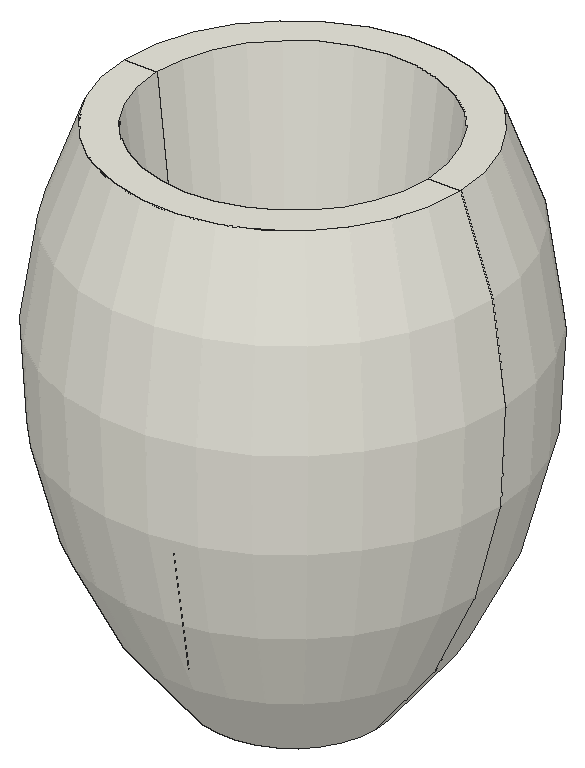
Revit family "Specialty_Equipment-Fiberstone_Planter-Stone_Yard-Zaragoza-Round", category Specialty Equipment, Revit 2023
Family settings
  Round Connector Dimension = Use Diameter
  Part Type = Normal
  OmniClass Number = 23.40.05.21.17
  OmniClass Title = Planters
  Work Plane-Based = No
  Enable Cutting in Views = No
  Always vertical = Yes
  Cut with Voids When Loaded = No
  Maintain Annotation Orientation = No
  Shared = No
  Room Calculation Point = No
Parameters (values of type "10.5"Dia x 16"H")
  URL = "https://stoneyardinc.com/"
  Type Comments = "Round Planter"  # constant formula
  Model = "Zaragoza Planter"  # constant formula
  Manufacturer = "Stone Yard"  # constant formula
  Description = "Zaragoza Planters"  # constant formula
  Default Elevation = 0.0"
  CD_Specification = "https://stoneyardinc.com/content/Zaragoza-Planter-Tearsheet.pdf"
  CD_Diameter Lip = CD_Diameter - 4.0"  # 6.5"
  CD_Diameter Baseplate = (CD_Diameter / 2)  # 5.25"
  CD_Product Page URL = "https://stoneyardinc.com/zaragoza-planter/"
  CD_Product Name [instance] = "Zaragoza Planter"  # constant formula
  CD_Pad Size = 3.0"  # constant formula
  CD_Microsite = "https://www.caddetails.com/3404"
  CD_Height = 16.0"
  CD_Finish = Concrete-Fiberstone-Carlsbad-Chalk
  CD_Diameter = 10.5"
  CD_Created By = "CADdetails LTD. 2025"  # constant formula
  Assembly Code = "G2050600"
Reference planes (in)
  plane 1 "Center (Front/Back)": y = 0
  plane 2 "Bottom": z = 0
  plane 3 "Center (Left/Right)": x = 0
  plane 4 "Back": y = 5.25
  plane 5 "Front": y = -5.25
  plane 6 "Top": z = 16
  plane 7 "Left": x = -5.25
  plane 8 "Right": x = 5.25
  plane 9 "Lip Depth": z = 14
  plane 10 "Left Base Plate": x = -2.625
  plane 11 "Right Base Plate": x = 2.625
  plane 12 "Left Lip Width": x = -3.25
  plane 13 "Right Lip Width": x = 3.25
  plane 14 "Base Plate Front": y = -2.625
  plane 15 "Base Plate Back": y = 2.625
  plane 16 "Pad 2": x = -0.125
  plane 17 "Pad 3": x = 0.125
  plane 18 "Pad 1": y = 0.125
  plane 19 "Pad 4": y = -0.125
Forms (in)
  Revolve 1, solid, material "Concrete-Fiberstone-Carlsbad-Chalk" <- "CD_Finish"
    sketch origin (14.41429, 0, 0) x (1, 0, 0) y (0, 0, 1)
      loop
        line (-10.16429, 16) -> (-11.84533, 1) -> (-14.41429, 1) -> (-14.41429, 0) -> (-11.78929, 0)
        arc (-11.78929, 0) -> (-7.91191, 7.5792) -> (-9.16429, 16) r 13.94256
        line (-9.16429, 16) -> (-10.16429, 16)
      axis (-14.41429, 16) -> (-14.41429, 0)
    angle from 0 to 360
Dimensions and locks (in)
  "CD_Height": plane 6 "Top" to level
  equal spacing: plane 5 "Front", plane 1 "Center (Front/Back)", plane 4 "Back"
  equal spacing: plane 7 "Left", plane 3 "Center (Left/Right)", plane 8 "Right"
  locked: plane 6 "Top" to plane 9 "Lip Depth" at 2
  "CD_Diameter": plane 8 "Right" to plane 7 "Left"
  plane 7 "Left" to plane 8 "Right" = 10.5"
  "CD_Diameter": plane 5 "Front" to plane 4 "Back"
  "CD_Diameter Baseplate": plane 10 "Left Base Plate" to plane 11 "Right Base Plate"
  equal spacing: plane 10 "Left Base Plate", plane 3 "Center (Left/Right)", plane 11 "Right Base Plate"
  "CD_Diameter Lip": plane 13 "Right Lip Width" to plane 12 "Left Lip Width"
  equal spacing: plane 13 "Right Lip Width", plane 3 "Center (Left/Right)", plane 12 "Left Lip Width"
  equal spacing: plane 8 "Right", plane 3 "Center (Left/Right)", plane 7 "Left"
  "CD_Diameter Baseplate": plane 14 "Base Plate Front" to plane 15 "Base Plate Back"
  equal spacing: plane 14 "Base Plate Front", plane 1 "Center (Front/Back)", plane 15 "Base Plate Back"
  locked: plane 18 "Pad 1" to plane 15 "Base Plate Back" at 2.5
  locked: plane 14 "Base Plate Front" to plane 19 "Pad 4" at 2.5
  locked: plane 10 "Left Base Plate" to plane 16 "Pad 2" at 2.5
  locked: plane 17 "Pad 3" to plane 11 "Right Base Plate" at 2.5
  locked: plane 8 "Right" to Revolve 1 sketch curve at 1
  locked: Revolve 1 sketch curve to level at 1
  aligned and locked: plane 2 "Bottom" to level
  aligned and locked: plane 8 "Right" to Revolve 1 sketch curve
  aligned and locked: plane 6 "Top" to Revolve 1  (x2)
  aligned and locked: plane 11 "Right Base Plate" to Revolve 1 sketch curve
  aligned and locked: plane 6 "Top" to Revolve 1 sketch curve
  aligned and locked: Revolve 1 sketch curve to level
  aligned and locked: Revolve 1 sketch curve to plane 3 "Center (Left/Right)"
  aligned and locked: Revolve 1 sketch curve to plane 6 "Top"
Automatic sketch dimensions
  Revolve 1 sketch curve to plane 3 "Center (Left/Right)" = 0.0"
  Revolve 1 sketch curve to plane 11 "Right Base Plate" = 0.05603"
  Revolve 1 sketch curve to plane 7 "Left" = 2.00623"
  Revolve 1 sketch curve to Revolve 1 sketch curve = 2.87393"
  plane 6 "Top" to Revolve 1 sketch curve = 18.87393"
Types in the file's own list only (15): name | CD_Diameter Lip | CD_Diameter Baseplate | CD_Height | CD_Diameter
  16"Dia x 24"H | 12.0" | 8.0" | 24.0" | 16.0"
  16.5"Dia x 36"H | 12.5" | 8.3" | 36.0" | 16.5"
  20"Dia x 17"H | 16.0" | 10.0" | 17.0" | 20.0"
  21"Dia x 30"H | 17.0" | 10.5" | 30.0" | 21.0"
  22"Dia x 18"H | 18.0" | 11.0" | 18.0" | 22.0"
  26"Dia x 14.5"H | 22.0" | 13.0" | 14.5" | 26.0"
  27"Dia x 23"H | 23.0" | 13.5" | 23.0" | 27.0"
  27"Dia x 30"H | 23.0" | 13.5" | 30.0" | 27.0"
  28"Dia x 46"H | 24.0" | 14.0" | 46.0" | 28.0"
  30"Dia x 36"H | 26.0" | 15.0" | 36.0" | 30.0"
  33"Dia x 60"H | 29.0" | 16.5" | 60.0" | 33.0"
  36"Dia x 20"H | 32.0" | 18.0" | 20.0" | 36.0"
  36"Dia x 28"H | 32.0" | 18.0" | 28.0" | 36.0"
  43"Dia x 46"H | 39.0" | 21.5" | 46.0" | 43.0"
  60"Dia x 38"H | 56.0" | 30.0" | 38.0" | 60.0"
